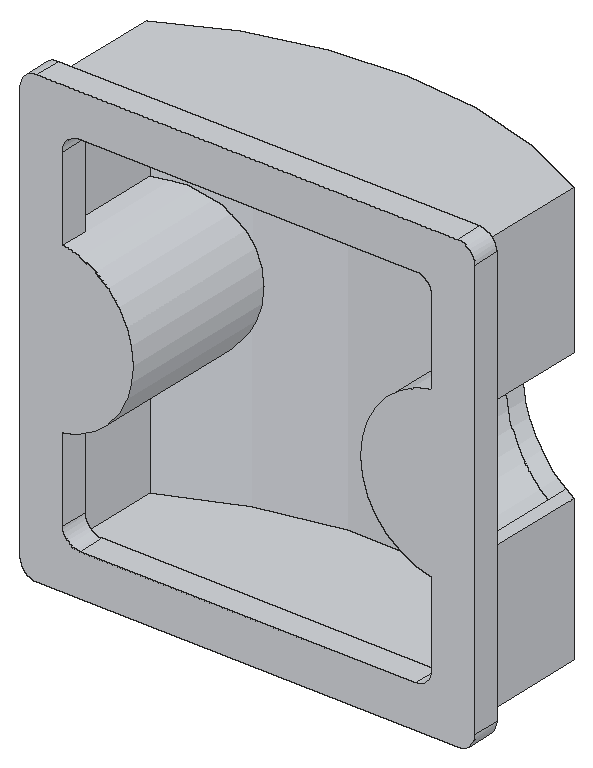
Revit family "E_FF130 Single Socket Insert-35mm", category Specialty Equipment, Revit 2015
Parameters (values of type "Firefly 1130 Single Switch Insert 35mm Deep")
  Youtube Clip = ""
  Width = 80 mm
  URL = "https://www.tenmat.com/passive-fire-protection/"
  Tenmat Item Number = ""
  Performance = "BS EN 1366-3:2009 & BS 476, ETA-12/0332, 1224-CPR-0341, CE Marked"
  Material/Grade = "FF130"
  Manufacturer = "Tenmat ltd"
  Length = 80 mm
  IFC Classification = "Building Element Proxy"
  Description = "Firefly 1130 Single Switch Insert"
  Height = 35 mm
Reference planes
  plane 1 "Center (Front/Back)": y = -226.673
  plane 2: z = 0
  plane 3 "Center (Left/Right)": x = 0
  plane 4: y = -246.007
  plane 5: x = -40
  plane 6: x = 40
  plane 7 "Height": z = 40
  plane 8: z = -40
  plane 9: y = -241.235
  plane 10: y = -223.785
  plane 11: y = -214.462
  plane 12: y = -210.962
  plane 13: y = -221.19
  plane 14: y = -210.962
  plane 15: y = -211.01
  plane 16: z = 32.5
  plane 17: x = 32.5
  plane 18: x = -32.5
  plane 19: z = -32.5
Forms (mm)
  Extrusion 1, solid
    sketch origin (-226.673, -246.007, 0) x (-1, 0, 0) y (0, 0, -1)
      loop
        arc (-186.673, 37) -> (-187.552, 39.121) -> (-189.673, 40) r 3
        line (-189.673, 40) -> (-263.673, 40)
        arc (-263.673, 40) -> (-265.794, 39.121) -> (-266.673, 37) r 3
        line (-266.673, 37) -> (-266.673, -37)
        arc (-266.673, -37) -> (-265.794, -39.121) -> (-263.673, -40) r 3
        line (-263.673, -40) -> (-189.673, -40)
        arc (-189.673, -40) -> (-187.552, -39.121) -> (-186.673, -37) r 3
        line (-186.673, -37) -> (-186.673, 37)
    from -4.772 to 0
  Extrusion 2, void
    sketch origin (-226.673, -246.007, 0) x (-1, 0, 0) y (0, 0, -1)
      loop
        arc (-256.173, 32.5) -> (-258.294, 31.621) -> (-259.173, 29.5) r 3
        line (-259.173, 29.5) -> (-259.173, -29.5)
        arc (-259.173, -29.5) -> (-258.294, -31.621) -> (-256.173, -32.5) r 3
        line (-256.173, -32.5) -> (-197.173, -32.5)
        arc (-197.173, -32.5) -> (-195.052, -31.621) -> (-194.173, -29.5) r 3
        line (-194.173, -29.5) -> (-194.173, 29.5)
        arc (-194.173, 29.5) -> (-195.052, 31.621) -> (-197.173, 32.5) r 3
        line (-197.173, 32.5) -> (-256.173, 32.5)
    from -4.772 to 0
  Extrusion 3, solid
    sketch origin (-226.673, -246.007, 0) x (-1, 0, 0) y (0, 0, -1)
      loop
        line (-261.673, 15) -> (-261.673, -15)
        arc (-261.673, -15) -> (-246.673, 0) -> (-261.673, 15) r 15
    from -32.877 to 0
  Extrusion 4, solid
    sketch origin (226.673, -246.007, 0) x (1, 0, 0) y (0, 0, 1)
      loop
        arc (-261.673, -15) -> (-246.673, 0) -> (-261.673, 15) r 15
        line (-261.673, 15) -> (-261.673, -15)
    from -33.165 to 0
  Extrusion 5, solid
    sketch origin (-226.673, -211.007, 0) x (-1, 0, 0) y (0, -1, 0)
      loop
        line (-264.172, 30.228) -> (-264.172, 10.182)
        arc (-264.172, 10.182) -> (-226.672, -0.046) -> (-189.173, 10.183) r 73.858
        line (-189.173, 10.183) -> (-189.173, 30.228) -> (-264.172, 30.228)
    from -37.018 to 37.5
  Extrusion 6, void
    sketch origin (-226.673, -211.007, 0) x (-1, 0, 0) y (0, -1, 0)
      loop
        line (-261.672, 30.228) -> (-261.672, 12.777)
        arc (-261.672, 12.777) -> (-226.672, 3.454) -> (-191.673, 12.778) r 70.358
        line (-191.673, 12.778) -> (-191.673, 30.228) -> (-261.672, 30.228)
    from -35 to 35
  Extrusion 7, solid
    sketch origin (226.673, -246.007, 0) x (1, 0, 0) y (0, 0, 1)
      loop
        arc (-261.673, -15) -> (-246.673, 0) -> (-261.673, 15) r 15
        line (-261.673, 15) -> (-261.673, -15)
    from -33.165 to 0
  Extrusion 8, void
    sketch origin (-226.673, -246.007, 0) x (-1, 0, 0) y (0, 0, -1)
      loop
        line (-261.673, 11.5) -> (-264.172, 11.5) -> (-264.172, -11.5) -> (-261.673, -11.5)
        arc (-261.673, -11.5) -> (-250.173, 0) -> (-261.673, 11.5) r 11.5
    from -32.877 to -4.772
  Extrusion 9, void
    sketch origin (226.673, -246.007, 0) x (1, 0, 0) y (0, 0, 1)
      loop
        arc (-261.673, -11.5) -> (-250.173, 0) -> (-261.673, 11.5) r 11.5
        line (-261.673, 11.5) -> (-264.172, 11.5) -> (-264.172, -11.5) -> (-261.673, -11.5)
    from -32.877 to -4.772
  Extrusion 10, void
    sketch origin (-226.673, -211.007, 0) x (-1, 0, 0) y (0, -1, 0)
      loop
        line (-264.173, 10.182) -> (-264.173, -3.669) -> (-189.173, -3.669) -> (-189.173, 10.183)
        arc (-189.173, 10.183) -> (-226.673, -0.046) -> (-264.173, 10.182) r 73.858
    from -40 to 40
Cuts and joins
  Extrusion 2, Extrusion 8, Extrusion 9 cuts Extrusion 1
  Extrusion 8, Extrusion 10 cuts Extrusion 3
  Extrusion 9, Extrusion 10 cuts Extrusion 4
  Extrusion 6, Extrusion 8, Extrusion 9, Extrusion 10 cuts Extrusion 5
  Extrusion 9, Extrusion 10 cuts Extrusion 7
  joined: Extrusion 1, Extrusion 3, Extrusion 4, Extrusion 5, Extrusion 7
Dimensions and locks
  equal spacing: plane 7 "Height", level, plane 8
  equal spacing: plane 6, plane 3 "Center (Left/Right)", plane 5
  plane 4 to plane 9 = 4.772 mm
  plane 4 to plane 1 "Center (Front/Back)" = 19.334 mm
  plane 6 to plane 5 = 80 mm
  plane 7 "Height" to plane 8 = 80 mm
  plane 4 to plane 15 = 34.998 mm
  plane 17 to plane 18 = 65 mm
  aligned and locked: level to plane 2
Automatic sketch dimensions
  plane 6 to Extrusion 1 sketch curve = 0 mm
  Extrusion 1 sketch curve to plane 7 "Height" = 0 mm
  Extrusion 1 sketch curve to plane 8 = 0 mm
  Extrusion 1 sketch curve to plane 5 = 0 mm
  plane 6 to Extrusion 1 sketch curve = 3 mm  (x2)
  plane 5 to Extrusion 1 sketch curve = 3 mm  (x2)
  plane 6 to Extrusion 2 sketch curve = 7.5 mm
  Extrusion 2 sketch curve to Extrusion 2 sketch curve = 3 mm  (x3)
  plane 5 to Extrusion 2 sketch curve = 10.5 mm  (x2)
  Extrusion 2 sketch curve to plane 7 "Height" = 7.5 mm
  Extrusion 2 sketch curve to plane 8 = 10.5 mm
  Extrusion 3 sketch curve to level = 0 mm
  plane 6 to Extrusion 3 sketch curve = 5 mm
  level to Extrusion 3 sketch curve = 15 mm
  Extrusion 4 sketch curve to level = 0 mm
  plane 5 to Extrusion 4 sketch curve = 5 mm
  Extrusion 4 sketch curve to level = 15 mm
  plane 6 to Extrusion 5 sketch curve = 2.501 mm
  plane 3 "Center (Left/Right)" to Extrusion 5 sketch curve = 0 mm
  plane 5 to Extrusion 5 sketch curve = 2.5 mm
  Extrusion 5 sketch curve to plane 1 "Center (Front/Back)" = 5.484 mm
  Extrusion 5 sketch curve to plane 4 = 4.772 mm
  plane 4 to Extrusion 5 sketch curve = 38.813 mm
  plane 6 to Extrusion 6 sketch curve = 5.001 mm
  plane 3 "Center (Left/Right)" to Extrusion 6 sketch curve = 0 mm
  Extrusion 6 sketch curve to plane 1 "Center (Front/Back)" = 2.888 mm
  plane 5 to Extrusion 6 sketch curve = 5 mm
  Extrusion 6 sketch curve to plane 4 = 4.772 mm
  plane 4 to Extrusion 6 sketch curve = 38.813 mm
  Extrusion 7 sketch curve to level = 0 mm
  plane 5 to Extrusion 7 sketch curve = 5 mm
  Extrusion 7 sketch curve to level = 15 mm
  Extrusion 8 sketch curve to level = 0 mm
  plane 6 to Extrusion 8 sketch curve = 2.501 mm
  Extrusion 8 sketch curve to Extrusion 8 sketch curve = 2.499 mm
  level to Extrusion 8 sketch curve = 11.5 mm
  Extrusion 9 sketch curve to level = 0 mm
  plane 5 to Extrusion 9 sketch curve = 2.501 mm
  Extrusion 9 sketch curve to Extrusion 9 sketch curve = 2.499 mm
  Extrusion 9 sketch curve to level = 11.5 mm
  plane 6 to Extrusion 10 sketch curve = 2.5 mm
  plane 3 "Center (Left/Right)" to Extrusion 10 sketch curve = 0 mm
  plane 5 to Extrusion 10 sketch curve = 2.5 mm
  Extrusion 10 sketch curve to plane 1 "Center (Front/Back)" = 19.334 mm
  Extrusion 10 sketch curve to plane 1 "Center (Front/Back)" = 5.483 mm
  plane 4 to Extrusion 10 sketch curve = 38.813 mm
